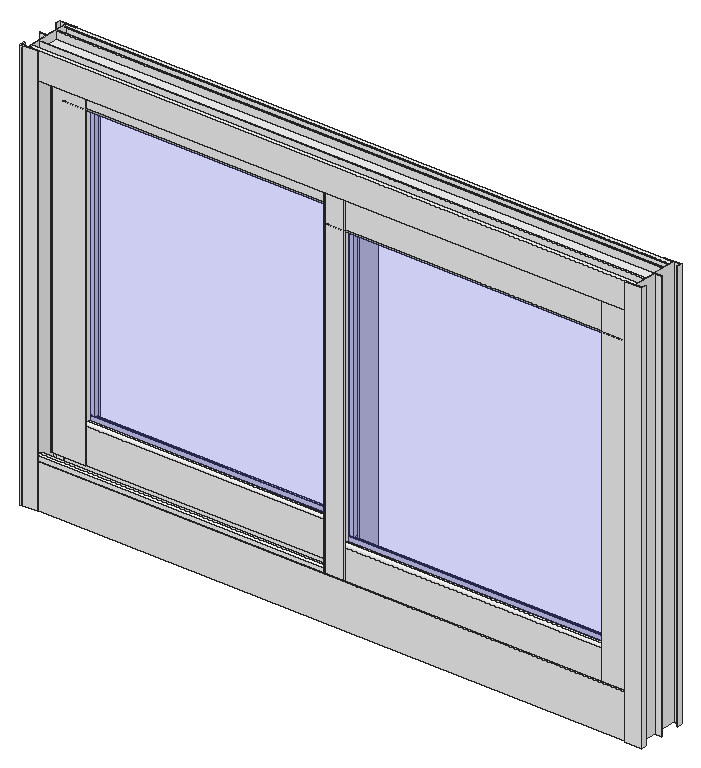
Revit family "Elite_Sliding_Window_XX_Custom", category Windows, host Wall, Revit 2014
Parameters (values of type "EliteSW-XX-Custom")
  Windload Design = if(Custom Windload < 1001 mm, 1000 mm, if(Custom Windload < 1501 mm, 1500 mm, 2000 mm))  # 1000 mm
  Width Sash Right [instance] = 447.9 mm
  Width Sash Left [instance] = 447.9 mm
  Width = if(Custom Window Width < Limit Window Width Min, Limit Window Width Min, if(Custom Window Width > Limit Window Width Max, Limit Window Width Max, Custom Window Width))  # 890 mm
  Wall Thickness [instance] = 200 mm
  URL = "http://www.crealco.co.za/crealco-products.php"
  Thermal Resistance (R) [instance] = if(and(Custom U Value > 0.5678, 1 / Custom U Value < 36.9087), Custom U Value, if(not(Custom U Value > 0.5678), 1 / 0.5679, 1 / 36.9086)) * 1.0000 (m²·K)/W  # 1.76087 (m²·K)/W
  Standard Interlocker = not(Inside Heavy Duty Interlocker)  # yes
  Solar Heat Gain Coefficient [instance] = if(and(not(Custom SHGC Value < 0), not(Custom SHGC Value > 1)), Custom SHGC Value, if(Custom U Value < 0, 0, 1))  # 0
  Sash Width Right = (Width - (2 mm * 12) - Sash Width Left) + 29.8 mm  # 447.9 mm
  Sash Width Left = if(Equal Sash Width, ((Width - (2 mm * 12)) / 2) + 14.9 mm, if(Custom Sash Width Left < Limit Sash Width Left Min, Limit Sash Width Left Min, if(Custom Sash Width Left > Limit Sash Width Left Max, Limit Sash Width Left Max, Custom Sash Width Left)))  # 447.9 mm
  Sash Side Spacing = 0.5 mm  # constant formula
  Sash Height = Height_x - 29 mm - 54 mm  # 507 mm
  Sash Frame Seal = 2.6 mm  # constant formula
  Rough Width = 2.5 mm
  Overall Width [instance] = 890 mm
  Overall Height [instance] = 590 mm
  Outside Heavy Duty Interlocker = if(Interlocker Configuration = 2 mm, 1 = 1, 1 = 0)  # no
  Model = "Elite"  # constant formula
  Max Pane Area = if(Area Right Sash Glazing > Area Left Sash Glazing, Area Right Sash Glazing, Area Left Sash Glazing)  # 0.160149 m²
  Manufacturer = "Crealco"  # constant formula
  Limit Window Width Min = (2 * Limit Sash Width Min) + (2 mm * 12) - 29.8 mm  # 594.2 mm
  Limit Window Width Max = if(Windload Design = 1000 mm, (2 * Limit Sash Width Max) + (2 mm * 12) - 29.8 mm, if(Windload Design = 1500 mm, if(Custom Window Height > 1490 mm, 1490 mm, (2 * Limit Sash Width Max) + (2 mm * 12) - 29.8 mm), if(Custom Window Height > 1490 mm, 890 mm, (2 * Limit Sash Width Max) + (2 mm * 12) - 29.8 mm)))  # 2994.2 mm
  Limit Window Height Min = Limit Sash Height Min + (29 mm + 54 mm)  # 383 mm
  Limit Window Height Max = if(Windload Design = 1000 mm, Limit Sash Height Max + (29 mm + 54 mm), if(Windload Design = 1500 mm, if(and(Custom Window Width > 1490 mm, Custom Window Height > 1490 mm), 1490 mm, Limit Sash Height Max + (29 mm + 54 mm)), if(and(Custom Window Width > 890 mm, Custom Window Height > 1490 mm), 1490 mm, Limit Sash Height Max + (29 mm + 54 mm))))  # 1883 mm
  Limit Sash Width Min = 300 mm  # constant formula
  Limit Sash Width Max = 1500 mm  # constant formula
  Limit Sash Width Left Min = if(Width - (2 mm * 12) - Limit Sash Width Max + 29.8 mm < Limit Sash Width Min, Limit Sash Width Min, Width - (2 mm * 12) - Limit Sash Width Max + 29.8 mm)  # 300 mm
  Limit Sash Width Left Max = if(Width - (2 mm * 12) - Limit Sash Width Min + 29.8 mm > Limit Sash Width Max, Limit Sash Width Max, Width - (2 mm * 12) - Limit Sash Width Min + 29.8 mm)  # 595.8 mm
  Limit Sash Height Min = 300 mm  # constant formula
  Limit Sash Height Max = 1800 mm  # constant formula
  Interlocker Configuration = if(Windload Design = 1000 mm, if(or(not(Height_x > 890 mm), or(and(not(Height_x > 1190 mm), not(Width > 2690 mm)), and(not(Height_x > 1490 mm), not(Width > 890 mm)))), 0 mm, if(and(Height_x > 1490 mm, Width > 1190 mm), 2 mm, 1 mm)), if(Windload Design = 1500 mm, if(or(and(not(Width > 1190 mm), not(Height_x > 1190 mm)), not(Height_x > 890 mm)), 0 mm, if(or(and(Width > 1790 mm, Height_x > 1190 mm), and(Width > 890 mm, Height_x > 1490 mm)), 2 mm, 1 mm)), if(or(not(Height_x > 890 mm), and(not(Width > 890 mm), not(Height_x > 1190 mm))), 0 mm, if(or(Height_x > 1490 mm, and(Width > 1190 mm, Height_x > 1190 mm)), 2 mm, 1 mm))))  # 0 mm
  IGDB or SAGDB Number [instance] = 0
  Height_x = if(Custom Window Height < Limit Window Height Min, Limit Window Height Min, if(Custom Window Height > Limit Window Height Max, Limit Window Height Max, Custom Window Height))  # 590 mm
  Height Sash [instance] = 507 mm
  Inside Heavy Duty Interlocker = if(or(Interlocker Configuration = 1 mm, Interlocker Configuration = 2 mm), 1 = 1, 1 = 0)  # no
  Heat Transfer Coefficient (U) [instance] = if(and(Custom U Value > 0.5678, Custom U Value < 36.9087), Custom U Value, if(not(Custom U Value > 0.5678), 0.5679, 36.9086)) * 1.0000 W/(m²·K)  # 0.5679 W/(m²·K)
  Glazing Thickness [instance] = if(IGDB or SAGDB Number = 1000015, 4 mm, if(IGDB or SAGDB Number = 9922, 4 mm, if(IGDB or SAGDB Number = 100100, 6 mm, if(IGDB or SAGDB Number = 103200, 7 mm, if(not(Max Pane Area > 0.75 m²), 4 mm, if(not(Max Pane Area > 1.50 m²), 4 mm, if(not(Max Pane Area > 2.10 m²), 5 mm, if(not(Max Pane Area > 2.90 m²), 6.4 mm, if(not(Max Pane Area > 4.30 m²), 8 mm, 10 mm)))))))))  # 4 mm
  Glazing Material [instance] = if(IGDB or SAGDB Number = 1000015, "PFG CLEARVUE 4mm", if(IGDB or SAGDB Number = 9922, "PFG ENERGY ADVANTAGE 4mm LOW-E", if(IGDB or SAGDB Number = 100100, "PFG INTRUDERPRUFE 6.38mm", if(IGDB or SAGDB Number = 103200, "PFG INTRUDERPRUFE LOW-E 7.38mm", "Unknown"))))  # "Unknown"
  Glazing Finish [instance] = Glass
  Glazing Code [instance] = if(IGDB or SAGDB Number = 1000015, "CF4", if(IGDB or SAGDB Number = 9922, "CF4E", if(IGDB or SAGDB Number = 100100, "LAM01", if(IGDB or SAGDB Number = 103200, "LAM01E", "Unknown"))))  # "Unknown"
  Frame Thickness = 70.3 mm  # constant formula
  Frame Offset From Exterior [instance] = if(Centered In Wall, (Wall Thickness - Frame Thickness) / 2, Custom Frame Offset From Exterior)  # 64.85 mm
  Equal Sash Width = yes
  Description = "Sliding window, XX custom"  # constant formula
  Default Sill Height = 800 mm
  Wall Closure = By host
  Custom Window Width = 890 mm
  Custom Window Height = 590 mm
  Custom Windload = 1000 mm
  Custom U Value [instance] = 0
  Custom Sash Width Left = 600 mm
  Custom SHGC Value [instance] = 0
  Custom Frame Offset From Exterior = 0 mm
  Centered In Wall = yes
  Area Right Sash Glazing = (Sash Width Right - 21 mm - 41 mm) * (Sash Height - (46 mm * 2))  # 0.160149 m²
  Area Left Sash Glazing = (Sash Width Left - 21 mm - 41 mm) * (Sash Height - (46 mm * 2))  # 0.160149 m²
  Aluminium Finish [instance] = White Powder Coated Aluminium ANP 1052
  All Available Glazing Numbers [instance] = "The rows below list the available glazing materials for this window:"  # constant formula
  9922 [instance] = "CF4E"  # constant formula
  103200 [instance] = "LAM01E"  # constant formula
  100100 [instance] = "LAM01"  # constant formula
  1000015 [instance] = "CF4"  # constant formula
Reference planes
  plane 1 "Center (Front/Back)": y = 0
  plane 2 "Center (Left/Right)": x = 0
  plane 3 "Left": x = -445
  plane 4 "Right": x = 445
  plane 5 "Sill": z = 800
  plane 6 "Head": z = 1390
  plane 7 "Exterior": y = 100
  plane 8 "Interior": y = -100
Lines and regions (mm)
  Opening 1
    outline origin (3500, -100, 0) x (1, 0, 0) y (0, 0, 1)
      loop
        line (-3055, 800) -> (-3055, 1390) -> (-3945, 1390) -> (-3945, 800) -> (-3055, 800)
Text (mm)
  text "EXTERIOR" at (-1963.203, 1332.353, 0), in view "Ref. Level"
  text "INTERIOR" at (-1981.466, -818.386, 0), in view "Ref. Level"
  text "Exterior" at (0, 923.751, 2943.296), in view "Right"
  text "Exterior" at (0, 1040.484, 2685.409), in view "Left"
Dimensions and locks
  equal spacing: plane 3 "Left", plane 2 "Center (Left/Right)", plane 4 "Right"
  "Width": plane 3 "Left" to plane 4 "Right"
  "Height_x": plane 5 "Sill" to plane 6 "Head"
  "Default Sill Height": plane 5 "Sill" to level
  locked: plane 7 "Exterior" to host wall at 0
  locked: plane 8 "Interior" to host wall
  "Overall Height": plane 6 "Head" to plane 5 "Sill"
  "Overall Width": plane 3 "Left" to plane 4 "Right"
  "Sash Side Spacing": nested 1 to nested 3
  "Sash Side Spacing": nested 2 to nested 1
  "Width Sash Left": nested 2 to nested 2
  "Height Sash": nested 2 to nested 2
  "Width Sash Right": nested 3 to nested 3
  "Frame Offset From Exterior": nested 1 to plane 7 "Exterior"
  locked: nested 1 to nested 3 at 0.7
  locked: nested 2 to nested 1 at 1
  "Wall Thickness": host wall to host wall
  aligned and locked: nested 1 to plane 6 "Head"
  aligned and locked: nested 1 to plane 3 "Left"
  aligned and locked: nested 3 to nested 1
  aligned and locked: nested 2 to nested 1
Automatic sketch dimensions
  plane 3 "Left" to Opening 1 sketch curve = 0 mm
  plane 4 "Right" to Opening 1 sketch curve = 0 mm
  Opening 1 sketch curve to plane 5 "Sill" = 0 mm
  Opening 1 sketch curve to plane 6 "Head" = 0 mm
Nested families
  nested 1: "Elite_Frame_XX_Cust" at (445, -35.15, 800), Profile Material <- "Aluminium Finish", Width <- "Width", Height <- "Height_x", type "Elite_Frame_XX_Cust"
    with Width 890 mm, Profile Material White Powder Coated Aluminium ANP 1052, Length Jamb 590 mm, Length Head & Sill 867 mm, Height 590 mm
  nested 2: "Elit_Sash_Inner_XX_Cust" at (433, -30.5, 854), Profile Material <- "Aluminium Finish", Glazing Material <- "Glazing Finish", Sash Width <- "Sash Width Left", Sash Height <- "Sash Height", Glazing Thickness <- "Glazing Thickness", Is Heavy Duty Interlocker <- "Inside Heavy Duty Interlocker", type "Elite_Sash_Inner_XX_Cust"
    with Sash Width 447.9 mm, Sash Height 507 mm, Right Sliding yes, Profile Material White Powder Coated Aluminium ANP 1052, Length Sash Head & Sill 431.9 mm, Length Arrow Tip 35.081 mm, Length Arrow 115.767 mm, Left Sliding no, Is Standard Interlocker yes, Is Sliding yes, Is Heavy Duty Interlocker no, Glazing Width 385.9 mm, Glazing Thickness 4 mm, Glazing Start -2 mm, Glazing Material Glass, Glazing Height 415 mm, Glazing Frame Side Gap 3 mm, Glazing End 2 mm, Arrow Tip Length 35.081 mm, Arrow Left Gap 135.067 mm, Arrow Bottom Gap 207.5 mm
  nested 3: "Elite_Sash_Outer_XX_Cust" at (-433, 30.2, 854) x (-1, 0, 0) z (0, 0, 1), Profile Material <- "Aluminium Finish", Glazing Material <- "Glazing Finish", Glazing Thickness <- "Glazing Thickness", Sash Width <- "Sash Width Right", Sash Height <- "Sash Height", Is Heavy Duty Interlocker <- "Outside Heavy Duty Interlocker", type "Elite_Sash_Outer_XX_Cust"
    with Sash Width 447.9 mm, Sash Height 507 mm, Right Sliding yes, Profile Material White Powder Coated Aluminium ANP 1052, Length Sash Head & Sill 431.9 mm, Length Arrow Tip 35.081 mm, Length Arrow 115.767 mm, Left Sliding no, Is Standard Interlocker yes, Is Sliding yes, Is Heavy Duty Interlocker no, Glazing Width 385.9 mm, Glazing Thickness 4 mm, Glazing Start -2 mm, Glazing Material Glass, Glazing Height 415 mm, Glazing Frame Side Gap 3 mm, Glazing End 2 mm, Arrow Tip Length 35.081 mm, Arrow Left Gap 135.067 mm, Arrow Bottom Gap 207.5 mm
Definition of nested family "Elite_Frame_XX_Cust"
  Parameters (values of type "Elite_Frame_OX_XX")
    Width [instance] = 600 mm
    Profile Material [instance] = none
    Length Jamb [instance] = Height  # 900 mm
    Length Head & Sill [instance] = Width - 2 * 11.5 mm  # 577 mm
    Height [instance] = 900 mm
  Reference planes
    plane 1 "Center (Front/Back)": y = 0
    plane 2: z = 0
    plane 3 "Center (Left/Right)": x = 0
  Dimensions and locks
    aligned and locked: level to plane 2
    aligned and locked: nested 2 to plane 2
    aligned and locked: plane 3 "Center (Left/Right)" to nested 2
    aligned and locked: plane 1 "Center (Front/Back)" to nested 2
    aligned and locked: nested 1 to nested 2  (x2)
    aligned and locked: nested 2 to nested 3
    aligned and locked: nested 2 to nested 1
    aligned and locked: nested 4 to plane 1 "Center (Front/Back)"
    aligned and locked: nested 4 to nested 1
    aligned and locked: plane 2 to nested 4
    aligned and locked: nested 3 to nested 2
    aligned and locked: nested 3 to nested 4
  Nested families
    nested 1: "Elite_Frame_Sill" at (-11.5, 68.5, 0) x (-1, 0, 0) z (0, 0, 1), Profile Material <- "Profile Material", Length Frame Sill <- "Length Head & Sill", type "Elite_Frame_Sill"
      with Profile Material none, Length Frame Sill 577 mm
    nested 2: "Elite_Frame_Jamb_Mirror" at (-24.5, 70.3, 0) x (0, -1, 0) z (0, 0, 1), Profile Material <- "Profile Material", Length Frame Jamb <- "Length Jamb", type "Elite_Frame_Jamb_Mirror"
      with Profile Material none, Length Frame Jamb 900 mm
    nested 3: "Elite_Frame_Head" at (-588.5, 1.5, 759.46), Profile Material <- "Profile Material", Length Frame Head <- "Length Head & Sill", type "Elite_Frame_Head"
      with Profile Material none, Length Frame Head 577 mm
    nested 4: "Elite_Frame_Jamb" at (-575.5, 70.3, 0) x (0, -1, 0) z (0, 0, 1), Profile Material <- "Profile Material", Length Frame Jamb <- "Length Jamb", type "Elite_Frame_Jamb"
      with Profile Material none, Length Frame Jamb 900 mm
  Definition of nested family "Elite_Frame_Sill"
    Parameters (values of type "Elite_Frame_Sill")
      Profile Material [instance] = none
      Length Frame Sill [instance] = 250 mm
    Reference planes
      plane 1 "Center (Front/Back)": y = 0
      plane 2: z = 0
      plane 3 "Center (Left/Right)": x = 0
    Forms (mm)
      Extrusion 1, solid, material <- "Profile Material"
        sketch origin (0, 0, 0) x (0, 1, 0) y (0, 0, 1)
          loop
            line (20.5, 61.807) -> (15.922, 62.99) -> (11.5, 61.805) -> (11.5, 54) -> (12.9, 54) -> (12.9, 60.734) -> (16.078, 61.54) -> (19.1, 60.731) -> (19.1, 37) -> (12.88, 36.997) -> (0, 35.262) -> (0, 11.5) -> (1.4, 11.5) -> (1.4, 15) -> (12, 15) -> (12, 0) -> (17, 0) -> (17, 1) -> (13.4, 1) -> (13.4, 5) -> (17, 5) -> (17, 6) -> (13.4, 6) -> (13.4, 18.532) -> (65.6, 20.009) -> (65.6, 6) -> (62, 6) -> (62, 5) -> (65.6, 5) -> (65.6, 1) -> (62, 1) -> (62, 0) -> (67, 0) -> (67, 63) -> (65.6, 63) -> (65.6, 37) -> (55.5, 37) -> (55.5, 61.807) -> (50.922, 62.99) -> (46.5, 61.805) -> (46.5, 54) -> (47.9, 54) -> (47.9, 60.734) -> (51.078, 61.54) -> (54.1, 60.731) -> (54.1, 37) -> (20.5, 37) -> (20.5, 61.807)
          loop
            line (65.6, 35.6) -> (12.994, 35.6) -> (1.4, 34.038) -> (1.4, 16.4) -> (12, 16.4) -> (12, 19.893) -> (65.6, 21.409) -> (65.6, 35.6)
        from 0 to 250 <- "Length Frame Sill"
    Dimensions and locks
      aligned and locked: level to plane 2
  Definition of nested family "Elite_Frame_Jamb_Mirror"
    Parameters (values of type "Elite_Frame_Jamb_Mirror")
      Void Spacing Top = 13 mm  # constant formula
      Void Spacing Bottom = 38 mm  # constant formula
      Void Cut Length = 13 mm  # constant formula
      Profile Material [instance] = none
      Length Frame Jamb [instance] = 250 mm
    Reference planes
      plane 1 "Center (Front/Back)": y = 0
      plane 2: z = 0
      plane 3 "Center (Left/Right)": x = 0
    Forms (mm)
      Extrusion 1, solid, material <- "Profile Material"
        sketch origin (-5.594, -3.252, 0) x (1, 0, 0) y (0, 1, 0)
          loop
            line (74.394, 26.252) -> (74.394, 17.752) -> (41.394, 17.752) -> (41.394, 27.752) -> (40.094, 27.752) -> (40.094, 17.752) -> (7.094, 17.752) -> (7.094, 26.252) -> (12.594, 26.252) -> (12.594, 27.752) -> (5.594, 27.752) -> (5.594, 3.252) -> (7.094, 3.252) -> (7.094, 16.252) -> (49.743, 16.252) -> (49.743, 10.75) -> (52.03, 3.252) -> (53.599, 3.252) -> (50.994, 11.791) -> (50.994, 16.252) -> (65.494, 16.252) -> (65.494, 11.791) -> (62.888, 3.252) -> (64.457, 3.252) -> (66.744, 10.793) -> (66.744, 16.252) -> (74.394, 16.252) -> (74.394, 3.252) -> (75.894, 3.252) -> (75.894, 27.752) -> (68.894, 27.752) -> (68.894, 26.252) -> (74.394, 26.252)
        from 0 to 250 <- "Length Frame Jamb"
      Extrusion 2, void
        sketch origin (70.3, 0, 0) x (1, 0, 0) y (0, 0, -1)
          loop
            line (-26.151, -237) -> (-26.151, -250) -> (-9.15, -250) -> (-9.15, -237) -> (-26.151, -237)
          loop
            line (-26.151, -38) -> (-9.15, -38) -> (-9.15, 0) -> (-26.151, 0) -> (-26.151, -38)
        from 0 to 13 <- "Void Cut Length"
    Cuts and joins
      Extrusion 2 cuts Extrusion 1
    Dimensions and locks
      "Void Spacing Top": Extrusion 2 sketch curve to Extrusion 2 sketch curve
      "Void Spacing Bottom": Extrusion 2 sketch curve to Extrusion 2 sketch curve
      aligned and locked: level to plane 2
      aligned and locked: Extrusion 1 to Extrusion 2 sketch curve  (x2)
      aligned and locked: Extrusion 2 sketch curve to Extrusion 1
      aligned and locked: Extrusion 2 sketch curve to cut or joined group of Extrusion 1, Extrusion 2  (x3)
    Automatic sketch dimensions
      Extrusion 1 sketch curve to plane 3 "Center (Left/Right)" = 0 mm
      plane 1 "Center (Front/Back)" to Extrusion 1 sketch curve = 0 mm  (x4)
      plane 3 "Center (Left/Right)" to Extrusion 1 sketch curve = 1.5 mm  (x2)
      Extrusion 1 sketch curve to Extrusion 1 sketch curve = 5.5 mm  (x2)
      Extrusion 1 sketch curve to Extrusion 1 sketch curve = 27.5 mm
      Extrusion 1 sketch curve to Extrusion 1 sketch curve = 1.3 mm
      Extrusion 1 sketch curve to Extrusion 1 sketch curve = 8.349 mm
      Extrusion 1 sketch curve to Extrusion 1 sketch curve = 1.251 mm
      Extrusion 1 sketch curve to Extrusion 1 sketch curve = 2.288 mm
      Extrusion 1 sketch curve to Extrusion 1 sketch curve = 1.568 mm
      Extrusion 1 sketch curve to Extrusion 1 sketch curve = 9.29 mm
      Extrusion 1 sketch curve to Extrusion 1 sketch curve = 1.569 mm
      Extrusion 1 sketch curve to Extrusion 1 sketch curve = 1.037 mm
      Extrusion 1 sketch curve to Extrusion 1 sketch curve = 1.25 mm
      Extrusion 1 sketch curve to Extrusion 1 sketch curve = 2.15 mm
      Extrusion 1 sketch curve to Extrusion 1 sketch curve = 0 mm  (x3)
      Extrusion 1 sketch curve to Extrusion 1 sketch curve = 1.5 mm  (x5)
      Extrusion 1 sketch curve to plane 1 "Center (Front/Back)" = 7.498 mm
      Extrusion 1 sketch curve to plane 1 "Center (Front/Back)" = 7.54 mm
      Extrusion 1 sketch curve to Extrusion 1 sketch curve = 0.998 mm
      Extrusion 1 sketch curve to Extrusion 1 sketch curve = 1.041 mm
      Extrusion 1 sketch curve to Extrusion 1 sketch curve = 4.461 mm
      Extrusion 1 sketch curve to Extrusion 1 sketch curve = 8.5 mm  (x2)
      Extrusion 1 sketch curve to Extrusion 1 sketch curve = 10 mm
  Definition of nested family "Elite_Frame_Head"
    Parameters (values of type "Elite_Frame_Head")
      Profile Material [instance] = none
      Length Frame Head [instance] = 250 mm
    Reference planes
      plane 1 "Center (Front/Back)": y = 0
      plane 2: z = 0
      plane 3 "Center (Left/Right)": x = 0
    Forms (mm)
      Extrusion 1, solid, material <- "Profile Material"
        sketch origin (0, 0, 0) x (0, 1, 0) y (0, 0, 1)
          loop
            line (11.5, 102.54) -> (20.5, 102.54) -> (20.5, 111.54) -> (19.1, 111.54) -> (19.1, 103.94) -> (12.9, 103.94) -> (12.9, 128.64) -> (54.1, 128.64) -> (54.1, 103.94) -> (47.9, 103.94) -> (47.9, 111.54) -> (46.5, 111.54) -> (46.5, 102.54) -> (55.5, 102.54) -> (55.5, 128.64) -> (65.5, 128.64) -> (65.5, 102.54) -> (67, 102.54) -> (67, 140.54) -> (61.65, 140.54) -> (61.65, 139.14) -> (65.5, 139.14) -> (65.5, 130.04) -> (49.298, 130.04) -> (49.298, 140.54) -> (47.9, 140.54) -> (47.9, 130.04) -> (19.1, 130.04) -> (19.1, 140.54) -> (17.7, 140.54) -> (17.7, 130.04) -> (1.5, 130.04) -> (1.5, 139.14) -> (5.35, 139.14) -> (5.35, 140.54) -> (0, 140.54) -> (0, 102.54) -> (1.5, 102.54) -> (1.5, 128.64) -> (11.5, 128.64) -> (11.5, 102.54)
        from 0 to 250 <- "Length Frame Head"
    Dimensions and locks
      aligned and locked: level to plane 2
  Definition of nested family "Elite_Frame_Jamb"
    Parameters (values of type "Elite_Frame_Jamb")
      Void Spacing Top = 13 mm  # constant formula
      Void Spacing Bottom = 38 mm  # constant formula
      Void Cut Length = 13 mm  # constant formula
      Profile Material [instance] = none
      Length Frame Jamb [instance] = 250 mm
    Reference planes
      plane 1 "Center (Front/Back)": y = 0
      plane 2: z = 0
      plane 3 "Center (Left/Right)": x = 0
    Forms (mm)
      Extrusion 1, solid, material <- "Profile Material"
        sketch origin (-5.594, -3.252, 0) x (1, 0, 0) y (0, 1, 0)
          loop
            line (7.094, 26.252) -> (12.594, 26.252) -> (12.594, 27.752) -> (5.594, 27.752) -> (5.594, 3.252) -> (7.094, 3.252) -> (7.094, 16.252) -> (14.744, 16.252) -> (14.744, 10.793) -> (17.03, 3.252) -> (18.599, 3.252) -> (15.994, 11.791) -> (15.994, 16.252) -> (30.494, 16.252) -> (30.494, 11.791) -> (27.888, 3.252) -> (29.457, 3.252) -> (31.744, 10.75) -> (31.744, 16.252) -> (74.394, 16.252) -> (74.394, 3.252) -> (75.894, 3.252) -> (75.894, 27.752) -> (68.894, 27.752) -> (68.894, 26.252) -> (74.394, 26.252) -> (74.394, 17.752) -> (41.394, 17.752) -> (41.394, 27.752) -> (40.094, 27.752) -> (40.094, 17.752) -> (7.094, 17.752) -> (7.094, 26.252)
        from 0 to 250 <- "Length Frame Jamb"
      Extrusion 2, void
        sketch origin (68.8, 0, 0) x (-1, 0, 0) y (0, 0, 1)
          loop
            line (59.65, 250) -> (42.649, 250) -> (42.649, 237) -> (59.65, 237) -> (59.65, 250)
          loop
            line (42.649, 0) -> (59.65, 0) -> (59.65, 38) -> (42.649, 38) -> (42.649, 0)
        from 0 to 13 <- "Void Cut Length"
    Cuts and joins
      Extrusion 2 cuts Extrusion 1
    Dimensions and locks
      "Void Spacing Bottom": Extrusion 2 sketch curve to Extrusion 2 sketch curve
      "Void Spacing Top": Extrusion 2 sketch curve to Extrusion 2 sketch curve
      aligned and locked: level to plane 2
      aligned and locked: Extrusion 2 sketch curve to Extrusion 1  (x6)
    Automatic sketch dimensions
      plane 1 "Center (Front/Back)" to Extrusion 1 sketch curve = 0 mm  (x4)
      Extrusion 1 sketch curve to plane 3 "Center (Left/Right)" = 0 mm
      plane 3 "Center (Left/Right)" to Extrusion 1 sketch curve = 1.5 mm  (x2)
      Extrusion 1 sketch curve to Extrusion 1 sketch curve = 5.5 mm  (x2)
      Extrusion 1 sketch curve to Extrusion 1 sketch curve = 7.65 mm
      Extrusion 1 sketch curve to Extrusion 1 sketch curve = 1.25 mm
      Extrusion 1 sketch curve to Extrusion 1 sketch curve = 2.287 mm
      Extrusion 1 sketch curve to Extrusion 1 sketch curve = 1.569 mm
      Extrusion 1 sketch curve to Extrusion 1 sketch curve = 9.29 mm
      Extrusion 1 sketch curve to Extrusion 1 sketch curve = 1.568 mm
      Extrusion 1 sketch curve to Extrusion 1 sketch curve = 1.037 mm
      Extrusion 1 sketch curve to plane 1 "Center (Front/Back)" = 7.498 mm
      Extrusion 1 sketch curve to Extrusion 1 sketch curve = 1.251 mm
      Extrusion 1 sketch curve to Extrusion 1 sketch curve = 8.349 mm
      Extrusion 1 sketch curve to Extrusion 1 sketch curve = 1.3 mm
      Extrusion 1 sketch curve to Extrusion 1 sketch curve = 27.5 mm
      Extrusion 1 sketch curve to Extrusion 1 sketch curve = 0 mm  (x3)
      Extrusion 1 sketch curve to Extrusion 1 sketch curve = 1.5 mm  (x5)
      Extrusion 1 sketch curve to plane 1 "Center (Front/Back)" = 7.54 mm
      Extrusion 1 sketch curve to Extrusion 1 sketch curve = 0.998 mm
      Extrusion 1 sketch curve to Extrusion 1 sketch curve = 1.041 mm
      Extrusion 1 sketch curve to Extrusion 1 sketch curve = 4.461 mm
      Extrusion 1 sketch curve to Extrusion 1 sketch curve = 8.5 mm  (x2)
      Extrusion 1 sketch curve to Extrusion 1 sketch curve = 10 mm
Definition of nested family "Elit_Sash_Inner_XX_Cust"
  Parameters (values of type "Elit_Sash_Inner")
    Top&Bottom Side Spacing = 14.5 mm  # constant formula
    Sash Width [instance] = 1500 mm
    Sash Height [instance] = 1200 mm
    Right Sliding [instance] = yes
    Profile Material [instance] = White Powder Coated Aluminium ANP 1052
    Overlap Gap = 1.4 mm  # constant formula
    Middle of Glazing = 13 mm  # constant formula
    Length Sash Head & Sill [instance] = Sash Width - 14.5 mm - 1.5 mm  # 1484 mm
    Length Arrow Tip [instance] = Length Arrow / 3.3  # 141.354 mm
    Length Arrow [instance] = (Sash Width - (2 * 50.3 mm)) / 3  # 466.467 mm
    Left Sliding [instance] = yes
    Is Standard Interlocker [instance] = not(Is Heavy Duty Interlocker)  # no
    Is Sliding [instance] = if(or(Right Sliding, Left Sliding), 1 = 1, 1 = 2)  # yes
    Is Heavy Duty Interlocker [instance] = yes
    Glazing Width [instance] = Sash Width - 21 mm - 41 mm  # 1438 mm
    Glazing Thickness [instance] = 6.4 mm
    Glazing Start [instance] = -Glazing Thickness / 2  # -3.2 mm
    Glazing Side Spacing = 41 mm  # constant formula
    Glazing Profile Gap = 459.05 mm
    Glazing Material [instance] = Glass
    Glazing Height [instance] = Sash Height - (46 mm * 2)  # 1108 mm
    Glazing Frame Side Gap [instance] = (10 mm - Glazing Thickness) / 2  # 1.8 mm
    Glazing Frame Gap = 5 mm  # constant formula
    Glazing End [instance] = Glazing Thickness / 2  # 3.2 mm
    Glazing Edge Interlocker Gap = 17 mm  # constant formula
    Glazing Edge Bottom and Top Gap = 46 mm  # constant formula
    Arrow Tip Length [instance] = if((Sash Height - (2 * 50.3 mm)) / 8 > Length Arrow / 3.3, Length Arrow / 3.3, (Sash Height - (2 * 50.3 mm)) / 8)  # 137.425 mm
    Arrow Tip Angle = 45.00°
    Arrow Left Gap [instance] = (Sash Width - 21 mm - 41 mm - Length Arrow) / 2  # 485.767 mm
    Arrow Bottom Gap [instance] = Sash Height / 2 - 46 mm  # 554 mm
    1.5 Spacing = 1.5 mm  # constant formula
  Reference planes
    plane 1 "Center (Front/Back)": y = 0
    plane 2: z = 0
    plane 3 "Center (Left/Right)": x = 0
    plane 4: y = -13
  Forms (mm)
    Extrusion 1, solid, material "Glass" <- "Glazing Material"
      sketch origin (-1492.688, -13, 1709.9) x (-1, 0, 0) y (0, 0, 1)
        loop
          line (-13.688, -555.9) -> (-1451.688, -555.9) -> (-1451.688, -1663.9) -> (-13.688, -1663.9) -> (-13.688, -555.9)
      from -3.2 <- "Glazing Start" to 3.2 <- "Glazing End"
  Lines and regions (mm)
    model lines, visible <- "Is Sliding"
      curve 1: line (-993.233, -16.2, 600) -> (-526.767, -16.2, 600)
    model lines, visible <- "Left Sliding"
      curve 2: line (-526.767, -16.2, 600) -> (-623.941, -16.2, 697.174)
      curve 3: line (-526.767, -16.2, 600) -> (-623.941, -16.2, 502.826)
    model lines, visible <- "Right Sliding"
      curve 4: line (-993.233, -16.2, 600) -> (-893.281, -16.2, 699.952)
      curve 5: line (-993.233, -16.2, 600) -> (-893.281, -16.2, 500.048)
  Dimensions and locks
    "Length Arrow": curve 1 to curve 1
    "Arrow Left Gap": Extrusion 1 to curve 1
    "Arrow Bottom Gap": Extrusion 1 to curve 1
    "Arrow Tip Length": curve 3 to curve 2
    "Arrow Tip Length": curve 3 to curve 3
    "Length Arrow Tip": curve 5 to curve 5
    "Length Arrow Tip": curve 5 to curve 4
    "Middle of Glazing": plane 4 to plane 1 "Center (Front/Back)"
    "Glazing Width": Extrusion 1 to Extrusion 1
    "Glazing Height": Extrusion 1 to Extrusion 1
    "Sash Width": nested 2 to plane 3 "Center (Left/Right)"
    "Glazing Side Spacing": Extrusion 1 to plane 3 "Center (Left/Right)"
    "1.5 Spacing": nested 3 to plane 1 "Center (Front/Back)"
    "Top&Bottom Side Spacing": nested 3 to plane 3 "Center (Left/Right)"
    "Top&Bottom Side Spacing": nested 4 to plane 3 "Center (Left/Right)"
    "1.5 Spacing": nested 4 to plane 1 "Center (Front/Back)"
    "Sash Height": nested 3 to plane 2
    "Glazing Edge Bottom and Top Gap": plane 2 to Extrusion 1
    "Sash Width": nested 5 to plane 3 "Center (Left/Right)"
    "Arrow Tip Angle": angle curve 3 to curve 1
    "Arrow Tip Angle": angle curve 1 to curve 2
    "Arrow Tip Angle": angle curve 4 to curve 1
    "Arrow Tip Angle": angle curve 1 to curve 5
    aligned and locked: level to plane 2
    aligned and locked: plane 3 "Center (Left/Right)" to nested 1
    aligned and locked: nested 1 to plane 2
    aligned and locked: nested 4 to plane 2
    aligned and locked: nested 2 to plane 2
    aligned and locked: nested 2 to plane 1 "Center (Front/Back)"
    aligned and locked: nested 5 to plane 1 "Center (Front/Back)"
    aligned and locked: nested 5 to plane 2
  Automatic sketch dimensions
    Extrusion 1 sketch curve to Extrusion 1 sketch curve = 1108 mm
    level to Extrusion 1 sketch curve = 46 mm
    Extrusion 1 sketch curve to plane 3 "Center (Left/Right)" = 41 mm
    Extrusion 1 sketch curve to Extrusion 1 sketch curve = 1438 mm
  Nested families
    nested 1: "Elite_Lock_Stile" at (0, -26, 0) x (0, 1, 0) z (0, 0, 1), Profile Material <- "Profile Material", Length Lock Stile <- "Sash Height", type "Elite_Lock_Stile"
      with Profile Material White Powder Coated Aluminium ANP 1052, Length Lock Stile 1200 mm
    nested 2: "Elite_Interlocker" at (-1506.667, 6.916, 0) x (0, -1, 0) z (0, 0, 1), Profile Material <- "Profile Material", Length Interlocker <- "Sash Height", visible <- "Is Standard Interlocker", type "Elite_Interlocker"
      with Profile Material White Powder Coated Aluminium ANP 1052, Length Interlocker 1200 mm
    nested 3: "Elite_Sash_Top" at (-1498.5, -24.2, 1052), Profile Material <- "Profile Material", Length Sash Top <- "Length Sash Head & Sill", type "Elite_Sash_Top"
      with Profile Material White Powder Coated Aluminium ANP 1052, Length Sash Top 1484 mm
    nested 4: "Elite_Sash_Bottom" at (-1498.5, -24.2, 0), Profile Material <- "Profile Material", Length Sash Bottom <- "Length Sash Head & Sill", type "Elite_Sash_Bottom"
      with Profile Material White Powder Coated Aluminium ANP 1052, Length Sash Bottom 1484 mm
    nested 5: "Elite_Heavy_Duty_Interlocker_Inside" at (-1500, 20, 0) x (0, -1, 0) z (0, 0, 1), Length Heavy Duty Interlocker <- "Sash Height", Profile Material <- "Profile Material", visible <- "Is Heavy Duty Interlocker", type "Elite_Heavy_Duty_Interlocker_Inside"
      with Profile Material White Powder Coated Aluminium ANP 1052, Length Heavy Duty Interlocker 1200 mm
  Definition of nested family "Elite_Lock_Stile"
    Parameters (values of type "Elite_Lock_Stile")
      Width Rail Cut = 13 mm  # constant formula
      Side Gap Rail Cut = 5 mm  # constant formula
      Profile Material [instance] = none
      Length Lock Stile [instance] = 250 mm
      Height Rail Cut = 26 mm  # constant formula
      Height Large Cut = 55 mm  # constant formula
    Reference planes
      plane 1 "Center (Front/Back)": y = 0
      plane 2: z = 0
      plane 3 "Center (Left/Right)": x = 0
    Forms (mm)
      Extrusion 1, solid, material <- "Profile Material"
        sketch origin (0, 0, 0) x (1, 0, 0) y (0, 1, 0)
          loop
            line (0, 0) -> (3.5, 0) -> (3.5, 2.4) -> (2.5, 2.4) -> (2.5, 1.2) -> (1.2, 1.2) -> (1.2, 8.8) -> (2.5, 8.8) -> (2.5, 7.6) -> (3.5, 7.6) -> (3.5, 10) -> (1.5, 10) -> (1.5, 13) -> (24.5, 13) -> (24.5, 10) -> (22.5, 10) -> (22.5, 7.6) -> (23.5, 7.6) -> (23.5, 8.8) -> (24.8, 8.8) -> (24.8, 1.2) -> (23.5, 1.2) -> (23.5, 2.4) -> (22.5, 2.4) -> (22.5, 0) -> (26, 0) -> (26, 49.8) -> (24.5, 49.8) -> (24.5, 49) -> (18, 49) -> (18, 43) -> (19.5, 43) -> (19.5, 47.5) -> (24.5, 47.5) -> (24.5, 36) -> (1.5, 36) -> (1.5, 47.5) -> (6.5, 47.5) -> (6.5, 43) -> (8, 43) -> (8, 49) -> (1.5, 49) -> (1.5, 49.8) -> (0, 49.8) -> (0, 0)
          loop
            line (1.5, 14.5) -> (24.5, 14.5) -> (24.5, 34.5) -> (13, 34.5) -> (1.5, 34.5) -> (1.5, 14.5)
        from 0 to 250 <- "Length Lock Stile"
      Extrusion 2, void
        sketch origin (24.4, 49, 0) x (1, 0, 0) y (0, 0, 1)
          loop
            line (0.1, 250) -> (-22.9, 250) -> (-22.9, 195) -> (0.1, 195) -> (0.1, 250)
          loop
            line (-22.9, 0) -> (0.1, 0) -> (0.1, 55) -> (-22.9, 55) -> (-22.9, 0)
        from 0 to 25
      Extrusion 3, void
        sketch origin (13, 14.5, 0) x (1, 0, 0) y (0, 0, 1)
          loop
            line (6.5, 250) -> (-6.5, 250) -> (-6.5, 224) -> (6.5, 224) -> (6.5, 250)
          loop
            line (6.5, 0) -> (6.5, 26) -> (-6.5, 26) -> (-6.5, 0) -> (6.5, 0)
        from 0 to 250
    Cuts and joins
      Extrusion 2, Extrusion 3 cuts Extrusion 1
    Dimensions and locks
      "Height Large Cut": Extrusion 2 sketch curve to Extrusion 2 sketch curve  (x2)
      "Height Rail Cut": Extrusion 3 sketch curve to Extrusion 3 sketch curve  (x2)
      "Width Rail Cut": Extrusion 3 sketch curve to Extrusion 3 sketch curve  (x2)
      "Side Gap Rail Cut": Extrusion 3 sketch curve to cut or joined group of Extrusion 1, Extrusion 2, Extrusion 3  (x2)
      aligned and locked: level to plane 2
      aligned and locked: Extrusion 1 to Extrusion 2 sketch curve  (x2)
      aligned and locked: Extrusion 2 sketch curve to Extrusion 1  (x4)
      aligned and locked: Extrusion 3 sketch curve to cut or joined group of Extrusion 1, Extrusion 2, Extrusion 3
      aligned and locked: cut or joined group of Extrusion 1, Extrusion 2, Extrusion 3 to Extrusion 3 sketch curve
    Automatic sketch dimensions
      Extrusion 1 sketch curve to plane 3 "Center (Left/Right)" = 0 mm
      plane 1 "Center (Front/Back)" to Extrusion 1 sketch curve = 0 mm  (x2)
      plane 3 "Center (Left/Right)" to Extrusion 1 sketch curve = 1.2 mm
      plane 3 "Center (Left/Right)" to Extrusion 1 sketch curve = 1.5 mm  (x2)
      Extrusion 1 sketch curve to Extrusion 1 sketch curve = 0 mm  (x4)
      Extrusion 1 sketch curve to Extrusion 1 sketch curve = 0.3 mm  (x2)
      Extrusion 1 sketch curve to Extrusion 1 sketch curve = 1.3 mm  (x2)
      Extrusion 1 sketch curve to Extrusion 1 sketch curve = 1 mm  (x4)
      Extrusion 1 sketch curve to Extrusion 1 sketch curve = 5 mm  (x4)
      Extrusion 1 sketch curve to Extrusion 1 sketch curve = 1.5 mm  (x6)
      Extrusion 1 sketch curve to plane 1 "Center (Front/Back)" = 2.4 mm
      Extrusion 1 sketch curve to Extrusion 1 sketch curve = 19 mm
      Extrusion 1 sketch curve to Extrusion 1 sketch curve = 2 mm
      Extrusion 1 sketch curve to Extrusion 1 sketch curve = 1.2 mm  (x6)
      Extrusion 1 sketch curve to plane 1 "Center (Front/Back)" = 1.2 mm  (x2)
      Extrusion 1 sketch curve to Extrusion 1 sketch curve = 5.2 mm  (x2)
      Extrusion 1 sketch curve to Extrusion 1 sketch curve = 3 mm
      Extrusion 1 sketch curve to Extrusion 1 sketch curve = 20 mm
      Extrusion 1 sketch curve to Extrusion 1 sketch curve = 7 mm  (x2)
      Extrusion 1 sketch curve to Extrusion 1 sketch curve = 4.5 mm  (x2)
      Extrusion 1 sketch curve to Extrusion 1 sketch curve = 0.8 mm  (x2)
  Definition of nested family "Elite_Interlocker"
    Parameters (values of type "Elite_Interlocker")
      Rail Cut Width = 13 mm  # constant formula
      Rail Cut Side Spacing = 5 mm  # constant formula
      Rail Cut Height = 26 mm  # constant formula
      Profile Material [instance] = none
      Length Interlocker [instance] = 250 mm
      Large Cut Height = 55 mm  # constant formula
    Reference planes
      plane 1 "Center (Front/Back)": y = 0
      plane 2: z = 0
      plane 3 "Center (Left/Right)": x = 0
    Forms (mm)
      Extrusion 1, solid, material <- "Profile Material"
        sketch origin (0, 0, 0) x (1, 0, 0) y (0, 1, 0)
          loop
            line (6.916, 36.467) -> (6.916, 6.667) -> (39.416, 6.667) -> (39.416, 9.551) -> (38.416, 9.551) -> (38.416, 8.167) -> (37.116, 8.167) -> (37.116, 9.551) -> (36.116, 9.551) -> (36.116, 8.167) -> (32.916, 8.167) -> (32.916, 15.167) -> (36.116, 15.167) -> (36.116, 13.78) -> (37.116, 13.78) -> (37.116, 15.167) -> (38.416, 15.167) -> (38.416, 13.78) -> (39.416, 13.78) -> (39.416, 25.167)
            arc (39.416, 25.167) -> (38.973, 25.663) -> (38.429, 25.28) r 0.5
            line (38.429, 25.28) -> (36.426, 16.667) -> (32.916, 16.667) -> (32.916, 36.467) -> (31.416, 36.467) -> (31.416, 35.667) -> (24.916, 35.667) -> (24.916, 29.667) -> (26.416, 29.667) -> (26.416, 34.167) -> (31.416, 34.167) -> (31.416, 22.667) -> (19.916, 22.667) -> (8.416, 22.667) -> (8.416, 34.167) -> (13.416, 34.167) -> (13.416, 29.667) -> (14.916, 29.667) -> (14.916, 35.667) -> (8.416, 35.667) -> (8.416, 36.467) -> (6.916, 36.467)
          loop
            line (8.416, 21.167) -> (8.416, 8.167) -> (31.416, 8.167) -> (31.416, 21.167) -> (19.916, 21.167) -> (8.416, 21.167)
        from 0 to 250 <- "Length Interlocker"
      Extrusion 2, void
        sketch origin (14.616, 35.667, 0) x (1, 0, 0) y (0, 0, 1)
          loop
            line (11.8, 250) -> (-1.2, 250) -> (-1.2, 224) -> (11.8, 224) -> (11.8, 250)
          loop
            line (-1.2, 0) -> (11.8, 0) -> (11.8, 26) -> (-1.2, 26) -> (-1.2, 0)
        from 0 to 250
      Extrusion 3, void
        sketch origin (31.316, 35.667, 0) x (1, 0, 0) y (0, 0, 1)
          loop
            line (0.1, 250) -> (-22.9, 250) -> (-22.9, 195) -> (0.1, 195) -> (0.1, 250)
          loop
            line (-22.9, 0) -> (0.1, 0) -> (0.1, 55) -> (-22.9, 55) -> (-22.9, 0)
        from 0 to 25
    Cuts and joins
      Extrusion 2, Extrusion 3 cuts Extrusion 1
    Dimensions and locks
      "Rail Cut Width": Extrusion 2 sketch curve to Extrusion 2 sketch curve  (x2)
      "Rail Cut Side Spacing": Extrusion 2 sketch curve to Extrusion 1  (x2)
      "Rail Cut Height": Extrusion 2 sketch curve to Extrusion 2 sketch curve  (x2)
      "Large Cut Height": Extrusion 3 sketch curve to Extrusion 3 sketch curve  (x2)
      aligned and locked: level to plane 2
      aligned and locked: Extrusion 1 to Extrusion 2 sketch curve  (x2)
      aligned and locked: Extrusion 3 sketch curve to cut or joined group of Extrusion 1, Extrusion 2, Extrusion 3  (x4)
      aligned and locked: cut or joined group of Extrusion 1, Extrusion 2, Extrusion 3 to Extrusion 3 sketch curve  (x2)
    Automatic sketch dimensions
      plane 3 "Center (Left/Right)" to Extrusion 1 sketch curve = 6.916 mm
      plane 3 "Center (Left/Right)" to Extrusion 1 sketch curve = 8.416 mm
      Extrusion 1 sketch curve to Extrusion 1 sketch curve = 1.5 mm  (x11)
      Extrusion 1 sketch curve to Extrusion 1 sketch curve = 0 mm  (x6)
      Extrusion 1 sketch curve to Extrusion 1 sketch curve = 5 mm  (x4)
      Extrusion 1 sketch curve to Extrusion 1 sketch curve = 3.2 mm  (x2)
      Extrusion 1 sketch curve to Extrusion 1 sketch curve = 0.31 mm
      Extrusion 1 sketch curve to Extrusion 1 sketch curve = 1 mm  (x4)
      Extrusion 1 sketch curve to Extrusion 1 sketch curve = 1.3 mm  (x2)
      Extrusion 1 sketch curve to Extrusion 1 sketch curve = 7.013 mm
      Extrusion 1 sketch curve to Extrusion 1 sketch curve = 0.487 mm
      Extrusion 1 sketch curve to plane 1 "Center (Front/Back)" = 6.667 mm
      Extrusion 1 sketch curve to Extrusion 1 sketch curve = 1.384 mm  (x2)
      Extrusion 1 sketch curve to Extrusion 1 sketch curve = 4.229 mm
      Extrusion 1 sketch curve to Extrusion 1 sketch curve = 1.387 mm  (x2)
      Extrusion 1 sketch curve to Extrusion 1 sketch curve = 13 mm
      Extrusion 1 sketch curve to Extrusion 1 sketch curve = 2.5 mm
      Extrusion 1 sketch curve to Extrusion 1 sketch curve = 7 mm  (x2)
      Extrusion 1 sketch curve to Extrusion 1 sketch curve = 4.5 mm  (x2)
      Extrusion 1 sketch curve to Extrusion 1 sketch curve = 0.8 mm  (x2)
  Definition of nested family "Elite_Sash_Top"
    Parameters (values of type "Elite_Sash_Top")
      Profile Material [instance] = none
      Length Sash Top [instance] = 250 mm
    Reference planes
      plane 1 "Center (Front/Back)": y = 0
      plane 2: z = 0
      plane 3 "Center (Left/Right)": x = 0
    Forms (mm)
      Extrusion 1, solid, material <- "Profile Material"
        sketch origin (0, -88.953, -123.01) x (0, 1, 0) y (0, 0, 1)
          loop
            line (92.953, 217.01) -> (95.303, 217.01) -> (95.303, 223.01) -> (93.853, 223.01) -> (93.853, 218.46) -> (92.953, 218.46)
            arc (92.953, 218.46) -> (91.15, 219.207) -> (90.403, 221.01) r 2.55
            line (90.403, 221.01) -> (90.403, 230.06) -> (110.203, 230.06) -> (110.203, 221.01)
            arc (110.203, 221.01) -> (109.456, 219.207) -> (107.653, 218.46) r 2.55
            line (107.653, 218.46) -> (106.753, 218.46) -> (106.753, 223.01) -> (105.303, 223.01) -> (105.303, 217.01) -> (107.653, 217.01)
            arc (107.653, 217.01) -> (110.482, 218.181) -> (111.653, 221.01) r 4
            line (111.653, 221.01) -> (111.653, 271.01) -> (107.403, 271.01) -> (107.403, 268.61) -> (108.603, 268.61) -> (108.603, 269.81) -> (110.203, 269.81) -> (110.203, 262.21) -> (108.603, 262.21) -> (108.603, 263.41) -> (107.403, 263.41) -> (107.403, 261.01) -> (110.203, 261.01) -> (110.203, 231.51) -> (90.403, 231.51) -> (90.403, 261.01) -> (93.203, 261.01) -> (93.203, 263.41) -> (92.003, 263.41) -> (92.003, 262.21) -> (90.403, 262.21) -> (90.403, 269.81) -> (92.003, 269.81) -> (92.003, 268.61) -> (93.203, 268.61) -> (93.203, 271.01) -> (88.953, 271.01) -> (88.953, 221.01)
            arc (88.953, 221.01) -> (90.125, 218.181) -> (92.953, 217.01) r 4
        from 0 to 250 <- "Length Sash Top"
    Dimensions and locks
      aligned and locked: level to plane 2
  Definition of nested family "Elite_Sash_Bottom"
    Parameters (values of type "Elite_Sash_Bottom")
      Profile Material [instance] = none
      Length Sash Bottom [instance] = 250 mm
    Reference planes
      plane 1 "Center (Front/Back)": y = 0
      plane 2: z = 0
      plane 3 "Center (Left/Right)": x = 0
    Forms (mm)
      Extrusion 1, solid, material <- "Profile Material"
        sketch origin (0, -88.953, -123.01) x (0, 1, 0) y (0, 0, 1)
          loop
            arc (92.953, 177.01) -> (90.125, 175.838) -> (88.953, 173.01) r 4
            line (88.953, 173.01) -> (88.953, 123.01) -> (93.203, 123.01) -> (93.203, 125.41) -> (92.003, 125.41) -> (92.003, 124.21) -> (90.403, 124.21) -> (90.403, 131.81) -> (92.003, 131.81) -> (92.003, 130.61) -> (93.203, 130.61) -> (93.203, 133.01) -> (90.403, 133.01) -> (90.403, 162.51) -> (110.203, 162.51) -> (110.203, 133.01) -> (107.403, 133.01) -> (107.403, 130.61) -> (108.603, 130.61) -> (108.603, 131.81) -> (110.203, 131.81) -> (110.203, 124.21) -> (108.603, 124.21) -> (108.603, 125.41) -> (107.403, 125.41) -> (107.403, 123.01) -> (111.653, 123.01) -> (111.653, 173.01)
            arc (111.653, 173.01) -> (110.482, 175.838) -> (107.653, 177.01) r 4
            line (107.653, 177.01) -> (105.303, 177.01) -> (105.303, 171.01) -> (106.753, 171.01) -> (106.753, 175.56) -> (107.653, 175.56)
            arc (107.653, 175.56) -> (109.456, 174.813) -> (110.203, 173.01) r 2.55
            line (110.203, 173.01) -> (110.203, 163.96) -> (90.403, 163.96) -> (90.403, 173.01)
            arc (90.403, 173.01) -> (91.15, 174.813) -> (92.953, 175.56) r 2.55
            line (92.953, 175.56) -> (93.853, 175.56) -> (93.853, 171.01) -> (95.303, 171.01) -> (95.303, 177.01) -> (92.953, 177.01)
        from 0 to 250 <- "Length Sash Bottom"
    Dimensions and locks
      aligned and locked: level to plane 2
  Definition of nested family "Elite_Heavy_Duty_Interlocker_Inside"
    Parameters (values of type "Elite_Heavy_Duty_Interlocker_Inside")
      Side Cut Width = 20 mm  # constant formula
      Side Cut Height Top = 26 mm  # constant formula
      Side Cut Height Bottom = 50 mm  # constant formula
      Profile Material [instance] = none
      Length Heavy Duty Interlocker [instance] = 250 mm
      Large Cut Height = 55 mm  # constant formula
      Cut Width = 13 mm  # constant formula
      Cut Side Spacing = 5 mm  # constant formula
      Cut Height = 26 mm  # constant formula
    Reference planes
      plane 1 "Center (Front/Back)": y = 0
      plane 2: z = 0
      plane 3 "Center (Left/Right)": x = 0
    Forms (mm)
      Extrusion 1, solid, material <- "Profile Material"
        sketch origin (0, 0, 0) x (1, 0, 0) y (0, 1, 0)
          loop
            arc (4, 27.5) -> (2.232, 26.768) -> (1.5, 25) r 2.5
            line (1.5, 25) -> (1.5, 4)
            arc (1.5, 4) -> (2.232, 2.232) -> (4, 1.5) r 2.5
            line (4, 1.5) -> (20, 1.5) -> (20, 27.5) -> (4, 27.5)
          loop
            line (21.5, 14.5) -> (21.5, 1.5) -> (33, 1.5) -> (44.5, 1.5) -> (44.5, 14.5) -> (33, 14.5) -> (21.5, 14.5)
          loop
            line (46, 10) -> (46, 29.8) -> (44.5, 29.8) -> (44.5, 29) -> (38, 29) -> (38, 23) -> (39.5, 23) -> (39.5, 27.5) -> (44.5, 27.5) -> (44.5, 16) -> (33, 16) -> (21.5, 16) -> (21.5, 27.5) -> (26.5, 27.5) -> (26.5, 23) -> (28, 23) -> (28, 29) -> (21.5, 29) -> (21.5, 29.8) -> (20, 29.8) -> (20, 29) -> (4, 29)
            arc (4, 29) -> (1.172, 27.828) -> (0, 25) r 4
            line (0, 25) -> (0, 4)
            arc (0, 4) -> (1.172, 1.172) -> (4, 0) r 4
            line (4, 0) -> (52.5, 0) -> (52.5, 2.866) -> (51.5, 2.866) -> (51.5, 1.5) -> (50.2, 1.5) -> (50.2, 2.866) -> (49.2, 2.866) -> (49.2, 1.5) -> (46, 1.5) -> (46, 8.5) -> (49.2, 8.5) -> (49.2, 7.121) -> (50.2, 7.121) -> (50.2, 8.5) -> (51.5, 8.5) -> (51.5, 7.121) -> (52.5, 7.121) -> (52.5, 18.5)
            arc (52.5, 18.5) -> (52.057, 18.997) -> (51.513, 18.613) r 0.5
            line (51.513, 18.613) -> (49.51, 10) -> (46, 10)
        from 0 to 250 <- "Length Heavy Duty Interlocker"
      Extrusion 2, void
        sketch origin (44.4, 29, 0) x (1, 0, 0) y (0, 0, 1)
          loop
            line (-4.9, 250) -> (-17.9, 250) -> (-17.9, 224) -> (-4.9, 224) -> (-4.9, 250)
          loop
            line (-4.9, 0) -> (-4.9, 26) -> (-17.9, 26) -> (-17.9, 0) -> (-4.9, 0)
        from 0 to 250
      Extrusion 3, void
        sketch origin (44.4, 29, 0) x (1, 0, 0) y (0, 0, 1)
          loop
            line (0.1, 250) -> (-22.9, 250) -> (-22.9, 195) -> (0.1, 195) -> (0.1, 250)
          loop
            line (0.1, 0) -> (0.1, 55) -> (-22.9, 55) -> (-22.9, 0) -> (0.1, 0)
        from 0 to 25
      Extrusion 4, void
        sketch origin (20, 29.8, 0) x (-1, 0, 0) y (0, 0, -1)
          loop
            line (0, -250) -> (20, -250) -> (20, -224) -> (0, -224) -> (0, -250)
          loop
            line (0, 0) -> (0, -50) -> (20, -50) -> (20, 0) -> (0, 0)
        from 0 to 250
    Cuts and joins
      Extrusion 2, Extrusion 3, Extrusion 4 cuts Extrusion 1
    Dimensions and locks
      "Cut Width": Extrusion 2 sketch curve to Extrusion 2 sketch curve  (x2)
      "Cut Side Spacing": Extrusion 2 sketch curve to Extrusion 1  (x2)
      "Cut Height": Extrusion 2 sketch curve to Extrusion 2 sketch curve  (x2)
      "Large Cut Height": Extrusion 3 sketch curve to Extrusion 3 sketch curve  (x2)
      "Side Cut Width": Extrusion 4 sketch curve to cut or joined group of Extrusion 1, Extrusion 2, Extrusion 3, Extrusion 4
      "Side Cut Height Top": Extrusion 4 sketch curve to Extrusion 4 sketch curve
      "Side Cut Width": Extrusion 4 sketch curve to Extrusion 4 sketch curve
      "Side Cut Height Bottom": Extrusion 4 sketch curve to Extrusion 4 sketch curve
      aligned and locked: level to plane 2
      aligned and locked: Extrusion 2 sketch curve to Extrusion 1
      aligned and locked: Extrusion 1 to Extrusion 2 sketch curve
      aligned and locked: cut or joined group of Extrusion 1, Extrusion 2, Extrusion 3, Extrusion 4 to Extrusion 3 sketch curve  (x2)
      aligned and locked: Extrusion 3 sketch curve to cut or joined group of Extrusion 1, Extrusion 2, Extrusion 3, Extrusion 4  (x4)
      aligned and locked: Extrusion 4 sketch curve to cut or joined group of Extrusion 1, Extrusion 2, Extrusion 3, Extrusion 4  (x2)
      aligned and locked: cut or joined group of Extrusion 1, Extrusion 2, Extrusion 3, Extrusion 4 to Extrusion 4 sketch curve  (x2)
    Automatic sketch dimensions
      Extrusion 1 sketch curve to Extrusion 1 sketch curve = 0 mm  (x11)
      Extrusion 1 sketch curve to plane 3 "Center (Left/Right)" = 0 mm
      plane 1 "Center (Front/Back)" to Extrusion 1 sketch curve = 0 mm
      plane 3 "Center (Left/Right)" to Extrusion 1 sketch curve = 1.5 mm
      Extrusion 1 sketch curve to Extrusion 1 sketch curve = 2.5 mm  (x3)
      Extrusion 1 sketch curve to Extrusion 1 sketch curve = 16 mm
      Extrusion 1 sketch curve to Extrusion 1 sketch curve = 1.5 mm  (x10)
      Extrusion 1 sketch curve to Extrusion 1 sketch curve = 5 mm  (x3)
      Extrusion 1 sketch curve to plane 1 "Center (Front/Back)" = 1.5 mm  (x3)
      Extrusion 1 sketch curve to Extrusion 1 sketch curve = 11.5 mm  (x2)
      Extrusion 1 sketch curve to Extrusion 1 sketch curve = 10 mm
      Extrusion 1 sketch curve to Extrusion 1 sketch curve = 3.2 mm  (x2)
      Extrusion 1 sketch curve to plane 1 "Center (Front/Back)" = 10 mm
      Extrusion 1 sketch curve to Extrusion 1 sketch curve = 0.31 mm
      Extrusion 1 sketch curve to Extrusion 1 sketch curve = 1 mm  (x4)
      Extrusion 1 sketch curve to Extrusion 1 sketch curve = 1.3 mm  (x2)
      Extrusion 1 sketch curve to Extrusion 1 sketch curve = 7.013 mm
      Extrusion 1 sketch curve to Extrusion 1 sketch curve = 0.487 mm
      Extrusion 1 sketch curve to Extrusion 1 sketch curve = 1.366 mm
      Extrusion 1 sketch curve to Extrusion 1 sketch curve = 2.879 mm
      Extrusion 1 sketch curve to Extrusion 1 sketch curve = 4.5 mm  (x3)
      Extrusion 1 sketch curve to Extrusion 1 sketch curve = 7 mm  (x2)
      Extrusion 1 sketch curve to Extrusion 1 sketch curve = 9 mm
      Extrusion 1 sketch curve to Extrusion 1 sketch curve = 0.8 mm  (x2)
Definition of nested family "Elite_Sash_Outer_XX_Cust"
  Parameters (values of type "Elite_Sash_Outer")
    Top&Bottom Side Spacing = 14.5 mm  # constant formula
    Sash Width [instance] = 1500 mm
    Sash Height [instance] = 1200 mm
    Right Sliding [instance] = yes
    Profile Material [instance] = White Powder Coated Aluminium ANP 1052
    Overlap Gap = 1.4 mm  # constant formula
    Middle of Glazing = 13 mm  # constant formula
    Length Sash Head & Sill [instance] = Sash Width - 14.5 mm - 1.5 mm  # 1484 mm
    Length Arrow Tip [instance] = Length Arrow / 3.3  # 141.354 mm
    Length Arrow [instance] = (Sash Width - (2 * 50.3 mm)) / 3  # 466.467 mm
    Left Sliding [instance] = yes
    Is Standard Interlocker [instance] = not(Is Heavy Duty Interlocker)  # no
    Is Sliding [instance] = if(or(Right Sliding, Left Sliding), 1 = 1, 1 = 2)  # yes
    Is Heavy Duty Interlocker [instance] = yes
    Glazing Width [instance] = Sash Width - 21 mm - 41 mm  # 1438 mm
    Glazing Thickness [instance] = 6.4 mm
    Glazing Start [instance] = -Glazing Thickness / 2  # -3.2 mm
    Glazing Side Spacing = 41 mm  # constant formula
    Glazing Profile Gap = 459.05 mm
    Glazing Material [instance] = Glass
    Glazing Height [instance] = Sash Height - (46 mm * 2)  # 1108 mm
    Glazing Frame Side Gap [instance] = (10 mm - Glazing Thickness) / 2  # 1.8 mm
    Glazing Frame Gap = 5 mm  # constant formula
    Glazing End [instance] = Glazing Thickness / 2  # 3.2 mm
    Glazing Edge Interlocker Gap = 17 mm  # constant formula
    Glazing Edge Bottom and Top Gap = 46 mm  # constant formula
    Arrow Tip Length [instance] = if((Sash Height - (2 * 50.3 mm)) / 8 > Length Arrow / 3.3, Length Arrow / 3.3, (Sash Height - (2 * 50.3 mm)) / 8)  # 137.425 mm
    Arrow Tip Angle = 45.00°
    Arrow Left Gap [instance] = (Sash Width - 21 mm - 41 mm - Length Arrow) / 2  # 485.767 mm
    Arrow Bottom Gap [instance] = Sash Height / 2 - 46 mm  # 554 mm
    1.5 Spacing = 1.5 mm  # constant formula
  Reference planes
    plane 1 "Center (Front/Back)": y = 0
    plane 2: z = 0
    plane 3 "Center (Left/Right)": x = 0
    plane 4: y = -13
  Forms (mm)
    Extrusion 1, solid, material "Glass" <- "Glazing Material"
      sketch origin (-1492.688, -13, 1709.9) x (-1, 0, 0) y (0, 0, 1)
        loop
          line (-13.688, -555.9) -> (-1451.688, -555.9) -> (-1451.688, -1663.9) -> (-13.688, -1663.9) -> (-13.688, -555.9)
      from -3.2 <- "Glazing Start" to 3.2 <- "Glazing End"
  Lines and regions (mm)
    model lines, visible <- "Is Sliding"
      curve 1: line (-993.233, -9.8, 600) -> (-526.767, -9.8, 600)
    model lines, visible <- "Left Sliding"
      curve 2: line (-526.767, -9.8, 600) -> (-623.941, -9.8, 697.174)
      curve 3: line (-526.767, -9.8, 600) -> (-623.941, -9.8, 502.826)
    model lines, visible <- "Right Sliding"
      curve 4: line (-993.233, -9.8, 600) -> (-893.281, -9.8, 699.952)
      curve 5: line (-993.233, -9.8, 600) -> (-893.281, -9.8, 500.048)
  Dimensions and locks
    "Length Arrow": curve 1 to curve 1
    "Arrow Left Gap": Extrusion 1 to curve 1
    "Arrow Bottom Gap": Extrusion 1 to curve 1
    "Arrow Tip Length": curve 3 to curve 2
    "Arrow Tip Length": curve 3 to curve 3
    "Length Arrow Tip": curve 5 to curve 5
    "Length Arrow Tip": curve 5 to curve 4
    "Middle of Glazing": plane 4 to plane 1 "Center (Front/Back)"
    "Glazing Width": Extrusion 1 to Extrusion 1
    "Glazing Height": Extrusion 1 to Extrusion 1
    "Sash Width": nested 2 to plane 3 "Center (Left/Right)"
    "Glazing Side Spacing": Extrusion 1 to plane 3 "Center (Left/Right)"
    "1.5 Spacing": nested 3 to plane 1 "Center (Front/Back)"
    "Top&Bottom Side Spacing": nested 3 to plane 3 "Center (Left/Right)"
    "Top&Bottom Side Spacing": nested 4 to plane 3 "Center (Left/Right)"
    "1.5 Spacing": nested 4 to plane 1 "Center (Front/Back)"
    "Sash Height": nested 3 to plane 2
    "Glazing Edge Bottom and Top Gap": plane 2 to Extrusion 1
    "Sash Width": nested 5 to plane 3 "Center (Left/Right)"
    "Arrow Tip Angle": angle curve 3 to curve 1
    "Arrow Tip Angle": angle curve 1 to curve 2
    "Arrow Tip Angle": angle curve 4 to curve 1
    "Arrow Tip Angle": angle curve 1 to curve 5
    aligned and locked: level to plane 2
    aligned and locked: plane 3 "Center (Left/Right)" to nested 1
    aligned and locked: nested 1 to plane 2
    aligned and locked: nested 4 to plane 2
    aligned and locked: nested 2 to plane 2
    aligned and locked: nested 2 to plane 1 "Center (Front/Back)"
    aligned and locked: nested 5 to plane 2
    aligned and locked: nested 5 to plane 1 "Center (Front/Back)"
  Automatic sketch dimensions
    Extrusion 1 sketch curve to Extrusion 1 sketch curve = 1108 mm
    level to Extrusion 1 sketch curve = 46 mm
    Extrusion 1 sketch curve to plane 3 "Center (Left/Right)" = 41 mm
    Extrusion 1 sketch curve to Extrusion 1 sketch curve = 1438 mm
  Nested families
    nested 1: "Elite_Lock_Stile" at (0, -26, 0) x (0, 1, 0) z (0, 0, 1), Profile Material <- "Profile Material", Length Lock Stile <- "Sash Height", type "Elite_Lock_Stile"
      with Profile Material White Powder Coated Aluminium ANP 1052, Length Lock Stile 1200 mm
    nested 2: "Elite_Interlocker" at (-1506.667, 6.916, 0) x (0, -1, 0) z (0, 0, 1), Profile Material <- "Profile Material", Length Interlocker <- "Sash Height", visible <- "Is Standard Interlocker", type "Elite_Interlocker"
      with Profile Material White Powder Coated Aluminium ANP 1052, Length Interlocker 1200 mm
    nested 3: "Elite_Sash_Top" at (-1498.5, -24.2, 1052), Profile Material <- "Profile Material", Length Sash Top <- "Length Sash Head & Sill", type "Elite_Sash_Top"
      with Profile Material White Powder Coated Aluminium ANP 1052, Length Sash Top 1484 mm
    nested 4: "Elite_Sash_Bottom" at (-1498.5, -24.2, 0), Profile Material <- "Profile Material", Length Sash Bottom <- "Length Sash Head & Sill", type "Elite_Sash_Bottom"
      with Profile Material White Powder Coated Aluminium ANP 1052, Length Sash Bottom 1484 mm
    nested 5: "Elite_Heavy_Duty_Interlocker_Outside" at (-1500, 20, 0) x (0, -1, 0) z (0, 0, 1), Length Heavy Duty Interlocker <- "Sash Height", Profile Material <- "Profile Material", visible <- "Is Heavy Duty Interlocker", type "Elite_Heavy_Duty_Interlocker_Outside"
      with Profile Material White Powder Coated Aluminium ANP 1052, Length Heavy Duty Interlocker 1200 mm
  Definition of nested family "Elite_Lock_Stile"
    Parameters (values of type "Elite_Lock_Stile")
      Width Rail Cut = 13 mm  # constant formula
      Side Gap Rail Cut = 5 mm  # constant formula
      Profile Material [instance] = none
      Length Lock Stile [instance] = 250 mm
      Height Rail Cut = 26 mm  # constant formula
      Height Large Cut = 55 mm  # constant formula
    Reference planes
      plane 1 "Center (Front/Back)": y = 0
      plane 2: z = 0
      plane 3 "Center (Left/Right)": x = 0
    Forms (mm)
      Extrusion 1, solid, material <- "Profile Material"
        sketch origin (0, 0, 0) x (1, 0, 0) y (0, 1, 0)
          loop
            line (0, 0) -> (3.5, 0) -> (3.5, 2.4) -> (2.5, 2.4) -> (2.5, 1.2) -> (1.2, 1.2) -> (1.2, 8.8) -> (2.5, 8.8) -> (2.5, 7.6) -> (3.5, 7.6) -> (3.5, 10) -> (1.5, 10) -> (1.5, 13) -> (24.5, 13) -> (24.5, 10) -> (22.5, 10) -> (22.5, 7.6) -> (23.5, 7.6) -> (23.5, 8.8) -> (24.8, 8.8) -> (24.8, 1.2) -> (23.5, 1.2) -> (23.5, 2.4) -> (22.5, 2.4) -> (22.5, 0) -> (26, 0) -> (26, 49.8) -> (24.5, 49.8) -> (24.5, 49) -> (18, 49) -> (18, 43) -> (19.5, 43) -> (19.5, 47.5) -> (24.5, 47.5) -> (24.5, 36) -> (1.5, 36) -> (1.5, 47.5) -> (6.5, 47.5) -> (6.5, 43) -> (8, 43) -> (8, 49) -> (1.5, 49) -> (1.5, 49.8) -> (0, 49.8) -> (0, 0)
          loop
            line (1.5, 14.5) -> (24.5, 14.5) -> (24.5, 34.5) -> (13, 34.5) -> (1.5, 34.5) -> (1.5, 14.5)
        from 0 to 250 <- "Length Lock Stile"
      Extrusion 2, void
        sketch origin (24.4, 49, 0) x (1, 0, 0) y (0, 0, 1)
          loop
            line (0.1, 250) -> (-22.9, 250) -> (-22.9, 195) -> (0.1, 195) -> (0.1, 250)
          loop
            line (-22.9, 0) -> (0.1, 0) -> (0.1, 55) -> (-22.9, 55) -> (-22.9, 0)
        from 0 to 25
